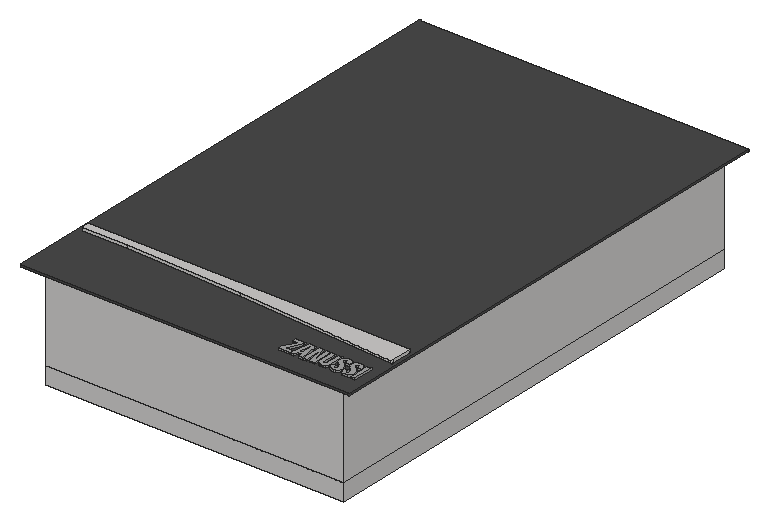
Revit family "QF_ZANUSSI_600890_Z1HAEDOMCS", category Specialty Equipment, Revit 2018
Family settings
  Round Connector Dimension = Use Diameter
  Part Type = Normal
  Work Plane-Based = No
  Always vertical = Yes
  Cut with Voids When Loaded = No
  Shared = No
  Room Calculation Point = No
Parameters
  Watts = 0 W
  Volts = 0 V
  URL = ""
  Steam Supply Size = 0 mm
  Steam Supply Minimum Pressure = 0.0 Pa
  Steam Supply Maximum Pressure = 0.0 Pa
  Steam Pounds per Hour = 0
  Show Logo [instance] = yes
  Manufacturer = ""
  Phase = 0
  Model = ""
  Item Number = ""
  Hot Water Size = 0 mm
  HP = "4.7 HP"
  Gas Size = 0 mm
  Gas KW = 0
  Direct Waste Size = 0 mm
  Description = ""
  Cycle = 0 Hz
  Condensate Return Size = 0 mm
  Compressed Air Volume = 0.0 L/s
  Compressed Air Size = 0 mm
  Compressed Air Pressure = 0.0 Pa
  Cold Water Size = 0 mm
Types (2, lengths in mm): name | Volts | URL | Manufacturer | Phase | Model | Item Number | Description | Cycle
  (no name) | 0 V | "" | "" | 0 | "" | "" | "" | 0 Hz
  Standard | 220 V | "http://www.zanussiprofessional.com" | "Zanussi" | 1 | "Z1HAEDOMCS" | "600890" | "PLUG-IN INDUCTION DOUBLE ZONE COOK TOP, DROP-IN" | 60 Hz
Reference planes
  plane 1 "Centro (Fronte/Retro)": y = 74.737
  plane 2: z = 0
  plane 3: x = -514.269
  plane 4 "LEFT": x = -709.269
  plane 5 "RIGHT": x = -319.269
  plane 6 "BACK": y = 369.737
  plane 7 "FRONT": y = -220.263
  plane 8: y = -124.263
  plane 9: x = -690.269
  plane 10: x = -338.269
  plane 11: y = 355.737
  plane 12: y = -205.263
  plane 13: x = -442.269
  plane 14: y = 179.737
  plane 15: z = 900
Forms (mm)
  Extrusion 1, solid, material "QF_Finishes_Stainless Steel"
    sketch origin (0, 0, 774) x (1, 0, 0) y (0, 1, 0)
      loop
        line (-341.269, 352.737) -> (-687.269, 352.737) -> (-687.269, -202.263) -> (-341.269, -202.263) -> (-341.269, 352.737)
      loop
        line (-690.269, 355.737) -> (-690.269, -205.263) -> (-338.269, -205.263) -> (-338.269, 355.737) -> (-690.269, 355.737)
    from 21 to 126
  Extrusion 2, solid, material "QF_Finishes_Black"
    sketch origin (0, 0, 900) x (-1, 0, 0) y (0, -1, 0)
      loop
        arc (707.269, -369.737) -> (708.683, -369.151) -> (709.269, -367.737) r 2
        line (709.269, -367.737) -> (709.269, 218.263)
        arc (709.269, 218.263) -> (708.683, 219.677) -> (707.269, 220.263) r 2
        line (707.269, 220.263) -> (321.269, 220.263)
        arc (321.269, 220.263) -> (319.854, 219.677) -> (319.269, 218.263) r 2
        line (319.269, 218.263) -> (319.269, -367.737)
        arc (319.269, -367.737) -> (319.854, -369.151) -> (321.269, -369.737) r 2
        line (321.269, -369.737) -> (707.269, -369.737)
    from 0 to 2
  Extrusion 3, solid, material "QF_Finishes_Stainless Steel"
    sketch origin (0, 0, 775) x (1, 0, 0) y (0, 1, 0)
      loop
        line (-690.269, 355.737) -> (-690.269, -205.263) -> (-338.269, -205.263) -> (-338.269, 355.737) -> (-690.269, 355.737)
    from 0 to 20
  Extrusion 4, solid, material "QF_Finishes_Stainless Steel"
    sketch origin (0, 0, 127) x (-1, 0, 0) y (0, -1, 0)
      loop
        circle (442.269, -179.737) r 10
    from 638.028 to 648
  Extrusion 5, solid, material "QF_Finishes_Stainless Steel"
    sketch origin (0, 0, 900) x (-1, 0, 0) y (0, -1, 0)
      loop
        arc (702.769, 124.263) -> (703.829, 124.702) -> (704.269, 125.763) r 1.5
        line (704.269, 125.763) -> (704.269, 132.763)
        arc (704.269, 132.763) -> (703.829, 133.824) -> (702.769, 134.263) r 1.5
        line (702.769, 134.263) -> (651.769, 134.263)
        arc (651.769, 134.263) -> (582.973, 135.513) -> (514.269, 139.263) r 1893.125
        arc (514.269, 139.263) -> (420.209, 148.26) -> (325.769, 151.263) r 1486.51
        arc (325.769, 151.263) -> (324.708, 150.824) -> (324.269, 149.763) r 1.5
        line (324.269, 149.763) -> (324.269, 125.763)
        arc (324.269, 125.763) -> (324.708, 124.702) -> (325.769, 124.263) r 1.5
        line (325.769, 124.263) -> (702.769, 124.263)
    from 2 to 5
Lines and regions (mm)
  Split face 1
    outline origin (0, 0, 902) x (-1, 0, 0) y (0, -1, 0)
      loop
        line (324.269, 124.263) -> (324.269, -364.737) -> (704.269, -364.737) -> (704.269, 124.263) -> (324.269, 124.263)
  Split face 2
    outline origin (0, 0, 902) x (-1, 0, 0) y (0, -1, 0)
      loop
        line (704.269, -364.737) -> (704.269, 124.263) -> (324.269, 124.263) -> (324.269, -364.737) -> (704.269, -364.737)
  Split face 3
    outline origin (0, 0, 902) x (-1, 0, 0) y (0, -1, 0)
      loop
        circle (514.269, -232.737) r 104
  Split face 4
    outline origin (0, 225.474, 902) x (-1, 0, 0) y (0, -1, 0)
      loop
        circle (514.269, 232.737) r 104
  symbolic lines
    curve 1: line (-324.269, -124.263, 126) -> (-704.269, -124.263, 126)
    curve 2: line (-704.269, -124.263, 126) -> (-704.269, 364.737, 126)
    curve 3: line (-324.269, 364.737, 126) -> (-324.269, -124.263, 126)
    curve 4: line (-704.269, 364.737, 126) -> (-324.269, 364.737, 126)
    curve 5: line (-321.269, 369.737, 126) -> (-707.269, 369.737, 126)
    curve 6: arc (-707.269, 369.737, 126) -> (-708.683, 369.151, 126) -> (-709.269, 367.737, 126) r 2
    curve 7: line (-709.269, 367.737, 126) -> (-709.269, -218.263, 126)
    curve 8: arc (-709.269, -218.263, 126) -> (-708.683, -219.677, 126) -> (-707.269, -220.263, 126) r 2
    curve 9: line (-707.269, -220.263, 126) -> (-321.269, -220.263, 126)
    curve 10: arc (-321.269, -220.263, 126) -> (-319.854, -219.677, 126) -> (-319.269, -218.263, 126) r 2
    curve 11: line (-319.269, -218.263, 126) -> (-319.269, 367.737, 126)
    curve 12: arc (-319.269, 367.737, 126) -> (-319.854, 369.151, 126) -> (-321.269, 369.737, 126) r 2
    curve 13: arc (-410.269, 232.737, 126) -> (-514.269, 336.737, 126) -> (-618.269, 232.737, 126) r 104
    curve 14: arc (-618.269, 232.737, 126) -> (-514.269, 128.737, 126) -> (-410.269, 232.737, 126) r 104
    curve 15: arc (-618.269, -7.263, 126) -> (-514.269, 96.737, 126) -> (-410.269, -7.263, 126) r 104
    curve 16: arc (-410.269, -7.263, 126) -> (-514.269, -111.263, 126) -> (-618.269, -7.263, 126) r 104
    curve 17: arc (-702.769, -124.263, 126) -> (-703.829, -124.702, 126) -> (-704.269, -125.763, 126) r 1.5
    curve 18: line (-704.269, -125.763, 126) -> (-704.269, -132.763, 126)
    curve 19: arc (-704.269, -132.763, 126) -> (-703.829, -133.824, 126) -> (-702.769, -134.263, 126) r 1.5
    curve 20: line (-702.769, -134.263, 126) -> (-651.769, -134.263, 126)
    curve 21: arc (-324.269, -125.763, 126) -> (-324.708, -124.702, 126) -> (-325.769, -124.263, 126) r 1.5
    curve 22: line (-324.269, -149.763, 126) -> (-324.269, -125.763, 126)
    curve 23: arc (-325.769, -151.263, 126) -> (-324.708, -150.824, 126) -> (-324.269, -149.763, 126) r 1.5
    curve 24: arc (-651.769, -134.263, 126) -> (-582.973, -135.513, 126) -> (-514.269, -139.263, 126) r 1893.125
    curve 25: arc (-514.269, -139.263, 126) -> (-420.209, -148.26, 126) -> (-325.769, -151.263, 126) r 1486.51
    curve 26: line (-415.208, -176.613, 126) -> (-422.226, -191.352, 126)
    curve 27: line (-422.226, -191.352, 126) -> (-422.226, -196.265, 126)
    curve 28: line (-422.226, -196.265, 126) -> (-409.452, -196.265, 126)
    curve 29: line (-409.452, -196.265, 126) -> (-409.452, -191.352, 126)
    curve 30: line (-409.452, -191.352, 126) -> (-416.821, -191.352, 126)
    curve 31: line (-416.821, -191.352, 126) -> (-409.452, -176.332, 126)
    curve 32: line (-409.452, -176.332, 126) -> (-409.452, -172.261, 126)
    curve 33: line (-409.452, -172.261, 126) -> (-421.665, -172.261, 126)
    curve 34: line (-421.665, -172.261, 126) -> (-421.665, -176.753, 126)
    curve 35: line (-421.665, -176.753, 126) -> (-415.208, -176.613, 126)
    curve 36: line (-404.82, -172.261, 126) -> (-409.172, -196.265, 126)
    curve 37: line (-409.172, -196.265, 126) -> (-404.118, -196.265, 126)
    curve 38: line (-404.118, -196.265, 126) -> (-403.416, -191.633, 126)
    curve 39: line (-403.416, -191.633, 126) -> (-399.346, -191.633, 126)
    curve 40: line (-399.346, -191.633, 126) -> (-398.644, -196.265, 126)
    curve 41: line (-398.644, -196.265, 126) -> (-393.59, -196.265, 126)
    curve 42: line (-393.59, -196.265, 126) -> (-398.082, -172.261, 126)
    curve 43: line (-398.082, -172.261, 126) -> (-404.82, -172.261, 126)
    curve 44: line (-401.451, -176.364, 126) -> (-400.047, -187.281, 126)
    curve 45: line (-400.047, -187.281, 126) -> (-402.855, -187.281, 126)
    curve 46: line (-402.855, -187.281, 126) -> (-401.451, -176.364, 126)
    curve 47: line (-393.309, -172.261, 126) -> (-393.309, -196.265, 126)
    curve 48: line (-393.309, -196.265, 126) -> (-388.958, -196.265, 126)
    curve 49: line (-388.958, -196.265, 126) -> (-388.958, -180.403, 126)
    curve 50: line (-388.958, -180.403, 126) -> (-384.887, -196.265, 126)
    curve 51: line (-384.887, -196.265, 126) -> (-379.553, -196.265, 126)
    curve 52: line (-379.553, -196.265, 126) -> (-379.553, -172.261, 126)
    curve 53: line (-379.553, -172.261, 126) -> (-384.045, -172.261, 126)
    curve 54: line (-384.045, -172.261, 126) -> (-384.045, -187.562, 126)
    curve 55: line (-384.045, -187.562, 126) -> (-388.116, -172.261, 126)
    curve 56: line (-388.116, -172.261, 126) -> (-393.309, -172.261, 126)
    curve 57: line (-378.43, -172.261, 126) -> (-378.43, -188.404, 126)
    curve 58: line (-378.43, -188.404, 126) -> (-378.149, -192.334, 126)
    curve 59: line (-378.149, -192.334, 126) -> (-377.728, -193.317, 126)
    curve 60: line (-377.728, -193.317, 126) -> (-376.745, -194.58, 126)
    curve 61: line (-376.745, -194.58, 126) -> (-375.763, -195.282, 126)
    curve 62: line (-375.763, -195.282, 126) -> (-373.797, -196.124, 126)
    curve 63: line (-373.797, -196.124, 126) -> (-372.815, -196.265, 126)
    curve 64: line (-372.815, -196.265, 126) -> (-370.569, -196.265, 126)
    curve 65: line (-370.569, -196.265, 126) -> (-369.446, -195.984, 126)
    curve 66: line (-369.446, -195.984, 126) -> (-367.761, -195.001, 126)
    curve 67: line (-367.761, -195.001, 126) -> (-365.796, -192.194, 126)
    curve 68: line (-365.796, -192.194, 126) -> (-365.656, -191.211, 126)
    curve 69: line (-365.656, -191.211, 126) -> (-365.656, -172.261, 126)
    curve 70: line (-365.656, -172.261, 126) -> (-370.569, -172.261, 126)
    curve 71: line (-370.569, -172.261, 126) -> (-370.569, -190.088, 126)
    curve 72: line (-370.569, -190.088, 126) -> (-371.13, -191.352, 126)
    curve 73: line (-371.13, -191.352, 126) -> (-372.675, -191.492, 126)
    curve 74: line (-372.675, -191.492, 126) -> (-373.517, -190.509, 126)
    curve 75: line (-373.517, -190.509, 126) -> (-373.517, -172.261, 126)
    curve 76: line (-373.517, -172.261, 126) -> (-378.43, -172.261, 126)
    curve 77: line (-353.163, -184.895, 126) -> (-358.778, -179.841, 126)
    curve 78: line (-358.778, -179.841, 126) -> (-359.479, -178.999, 126)
    curve 79: line (-359.479, -178.999, 126) -> (-359.76, -176.753, 126)
    curve 80: line (-359.76, -176.753, 126) -> (-358.076, -175.911, 126)
    curve 81: line (-358.076, -175.911, 126) -> (-356.672, -176.893, 126)
    curve 82: line (-356.672, -176.893, 126) -> (-356.532, -179.841, 126)
    curve 83: line (-356.532, -179.841, 126) -> (-351.899, -179.841, 126)
    curve 84: line (-351.899, -179.841, 126) -> (-352.18, -175.068, 126)
    curve 85: line (-352.18, -175.068, 126) -> (-355.128, -172.401, 126)
    curve 86: line (-355.128, -172.401, 126) -> (-363.269, -173.805, 126)
    curve 87: line (-363.269, -173.805, 126) -> (-364.252, -180.824, 126)
    curve 88: line (-364.252, -180.824, 126) -> (-362.006, -184.052, 126)
    curve 89: line (-362.006, -184.052, 126) -> (-359.62, -186.158, 126)
    curve 90: line (-359.62, -186.158, 126) -> (-356.672, -189.106, 126)
    curve 91: line (-356.672, -189.106, 126) -> (-357.233, -191.773, 126)
    curve 92: line (-357.233, -191.773, 126) -> (-359.058, -191.913, 126)
    curve 93: line (-359.058, -191.913, 126) -> (-360.041, -187.842, 126)
    curve 94: line (-360.041, -187.842, 126) -> (-364.954, -187.842, 126)
    curve 95: line (-364.954, -187.842, 126) -> (-363.55, -194.44, 126)
    curve 96: line (-363.55, -194.44, 126) -> (-357.374, -196.265, 126)
    curve 97: line (-357.374, -196.265, 126) -> (-351.759, -192.334, 126)
    curve 98: line (-351.759, -192.334, 126) -> (-353.163, -184.895, 126)
    curve 99: line (-339.266, -184.754, 126) -> (-345.161, -179.42, 126)
    curve 100: line (-345.161, -179.42, 126) -> (-345.863, -177.595, 126)
    curve 101: line (-345.863, -177.595, 126) -> (-345.302, -176.191, 126)
    curve 102: line (-345.302, -176.191, 126) -> (-344.038, -175.911, 126)
    curve 103: line (-344.038, -175.911, 126) -> (-342.635, -176.893, 126)
    curve 104: line (-342.635, -176.893, 126) -> (-342.494, -179.701, 126)
    curve 105: line (-342.494, -179.701, 126) -> (-337.722, -179.841, 126)
    curve 106: line (-337.722, -179.841, 126) -> (-338.283, -174.928, 126)
    curve 107: line (-338.283, -174.928, 126) -> (-345.723, -171.98, 126)
    curve 108: line (-345.723, -171.98, 126) -> (-350.215, -175.63, 126)
    curve 109: line (-350.215, -175.63, 126) -> (-348.951, -182.929, 126)
    curve 110: line (-348.951, -182.929, 126) -> (-343.758, -187.562, 126)
    curve 111: line (-343.758, -187.562, 126) -> (-342.635, -189.246, 126)
    curve 112: line (-342.635, -189.246, 126) -> (-343.056, -191.773, 126)
    curve 113: line (-343.056, -191.773, 126) -> (-344.46, -192.054, 126)
    curve 114: line (-344.46, -192.054, 126) -> (-346.003, -187.702, 126)
    curve 115: line (-346.003, -187.702, 126) -> (-350.917, -187.842, 126)
    curve 116: line (-350.917, -187.842, 126) -> (-349.092, -194.721, 126)
    curve 117: line (-349.092, -194.721, 126) -> (-341.091, -195.703, 126)
    curve 118: line (-341.091, -195.703, 126) -> (-338.002, -192.896, 126)
    curve 119: line (-338.002, -192.896, 126) -> (-339.266, -184.754, 126)
    curve 120: line (-331.966, -172.261, 126) -> (-336.879, -172.261, 126)
    curve 121: line (-336.879, -172.261, 126) -> (-336.879, -196.265, 126)
    curve 122: line (-336.879, -196.265, 126) -> (-331.966, -196.265, 126)
    curve 123: line (-331.966, -196.265, 126) -> (-331.966, -172.261, 126)
Dimensions and locks
  equal spacing: plane 4 "LEFT", plane 3, plane 5 "RIGHT"
  plane 4 "LEFT" to plane 5 "RIGHT" = 390 mm
  equal spacing: plane 6 "BACK", plane 1 "Centro (Fronte/Retro)", plane 7 "FRONT"
  plane 6 "BACK" to plane 7 "FRONT" = 590 mm
  locked: plane 4 "LEFT" to plane 9 at 19
  locked: plane 10 to plane 5 "RIGHT" at 19
  locked: plane 6 "BACK" to plane 11 at 14
  locked: plane 12 to plane 7 "FRONT" at 15
  locked: plane 13 to plane 5 "RIGHT" at 123
  plane 6 "BACK" to plane 14 = 190 mm
  plane 15 to level = 900 mm
  aligned and locked: level to plane 2
Automatic sketch dimensions
  curve 13 to curve 14 = 0 mm  (x2)
  curve 15 to curve 16 = 0 mm  (x2)
  curve 12 to plane 5 "RIGHT" = 0 mm
  curve 10 to plane 7 "FRONT" = 0 mm
  curve 5 to plane 6 "BACK" = 0 mm
  curve 3 to plane 8 = 0 mm
  curve 14 to plane 3 = 0 mm
  curve 15 to plane 3 = 0 mm
  curve 25 to plane 3 = 0 mm
  curve 8 to plane 4 "LEFT" = 0 mm
  curve 10 to plane 5 "RIGHT" = 2 mm
  curve 12 to plane 5 "RIGHT" = 2 mm
  curve 12 to curve 3 = 3 mm
  curve 22 to curve 1 = 0 mm
  curve 21 to curve 21 = 1.5 mm
  curve 23 to curve 23 = 1.5 mm
  plane 10 to curve 122 = 6.302 mm
  plane 10 to curve 122 = 1.389 mm
  plane 10 to curve 106 = 0.547 mm
  plane 10 to curve 118 = 0.266 mm
  curve 106 to plane 10 = 0.014 mm
  curve 119 to plane 10 = 0.997 mm
  curve 117 to plane 10 = 2.822 mm
  curve 104 to plane 10 = 4.225 mm
  curve 104 to curve 104 = 0.141 mm
  curve 112 to plane 10 = 4.366 mm
  curve 111 to curve 113 = 0.421 mm
  curve 111 to curve 111 = 1.123 mm
  curve 103 to curve 103 = 1.404 mm
  curve 112 to curve 114 = 1.404 mm
  curve 104 to curve 100 = 2.667 mm
  curve 102 to curve 101 = 1.263 mm
  curve 101 to curve 107 = 0.421 mm
  curve 101 to curve 100 = 0.562 mm
  curve 110 to curve 115 = 2.246 mm
  curve 99 to curve 110 = 3.79 mm
  curve 113 to curve 116 = 4.632 mm
  curve 100 to curve 108 = 4.352 mm
  curve 114 to curve 115 = 4.913 mm
  curve 116 to curve 97 = 2.667 mm
  curve 109 to curve 83 = 2.948 mm
  curve 108 to curve 85 = 1.965 mm
  curve 115 to curve 77 = 2.246 mm
  curve 84 to curve 86 = 2.948 mm
  curve 83 to curve 83 = 4.632 mm
  curve 77 to curve 90 = 3.509 mm
  curve 82 to curve 81 = 0.14 mm
  curve 90 to curve 91 = 0.562 mm
  plane 12 to curve 96 = 8.998 mm
  curve 91 to curve 96 = 0.14 mm
  curve 81 to curve 81 = 1.404 mm
  curve 82 to curve 78 = 2.246 mm
  curve 91 to curve 93 = 1.825 mm
  curve 77 to curve 78 = 0.702 mm
  curve 90 to curve 90 = 2.948 mm
  curve 80 to curve 80 = 1.684 mm
  curve 89 to curve 93 = 0.421 mm
  curve 89 to curve 89 = 2.386 mm
  curve 79 to curve 87 = 3.509 mm
  plane 12 to curve 95 = 10.823 mm
  curve 92 to curve 95 = 4.492 mm
  curve 88 to curve 87 = 2.246 mm
  curve 88 to curve 94 = 2.948 mm
  curve 94 to curve 68 = 0.702 mm
  plane 12 to curve 68 = 13.069 mm
  curve 68 to curve 68 = 0.14 mm
  plane 12 to curve 67 = 10.262 mm
  curve 67 to curve 67 = 1.965 mm
  plane 12 to curve 66 = 9.279 mm
  curve 66 to curve 66 = 1.685 mm
  curve 68 to curve 71 = 4.913 mm
  plane 12 to curve 65 = 8.998 mm
  curve 65 to curve 65 = 1.123 mm
  plane 12 to curve 73 = 13.911 mm
  curve 71 to curve 73 = 0.561 mm
  plane 12 to curve 73 = 13.771 mm
  curve 72 to curve 73 = 1.544 mm
  curve 64 to curve 63 = 2.246 mm
  curve 73 to curve 75 = 0.842 mm
  plane 12 to curve 62 = 9.139 mm
  curve 63 to curve 62 = 0.982 mm
  plane 12 to curve 61 = 9.981 mm
  curve 62 to curve 61 = 1.965 mm
  plane 12 to curve 61 = 10.683 mm
  curve 61 to curve 61 = 0.983 mm
  plane 12 to curve 59 = 11.946 mm
  curve 60 to curve 59 = 0.983 mm
  plane 12 to curve 58 = 12.929 mm
  curve 59 to curve 58 = 0.421 mm
  plane 12 to curve 58 = 16.859 mm
  curve 58 to curve 58 = 0.281 mm
  curve 57 to curve 53 = 1.123 mm
  curve 52 to curve 54 = 4.492 mm
  plane 12 to curve 50 = 8.998 mm
  curve 51 to curve 50 = 5.334 mm
  curve 53 to curve 56 = 4.071 mm
  curve 50 to curve 49 = 4.071 mm
  curve 55 to curve 56 = 5.194 mm
  plane 12 to curve 42 = 8.998 mm
  curve 47 to curve 42 = 0.281 mm
  curve 47 to curve 42 = 4.773 mm
  curve 41 to curve 41 = 5.053 mm
  curve 40 to curve 39 = 0.702 mm
  plane 12 to curve 44 = 17.982 mm
  curve 39 to curve 44 = 0.702 mm
  curve 42 to curve 44 = 3.369 mm
  curve 44 to curve 45 = 2.807 mm
  curve 39 to curve 39 = 4.071 mm
  plane 12 to curve 38 = 8.998 mm
  curve 38 to curve 38 = 0.702 mm
  curve 44 to curve 43 = 3.369 mm
  curve 37 to curve 36 = 5.054 mm
  curve 36 to curve 32 = 4.632 mm
  curve 36 to curve 28 = 0.281 mm
  curve 31 to curve 35 = 5.755 mm
  curve 29 to curve 30 = 7.368 mm
  curve 26 to curve 33 = 6.457 mm
  curve 30 to curve 27 = 5.406 mm
  plane 9 to curve 24 = 38.5 mm
  curve 17 to plane 8 = 1.5 mm
  plane 4 "LEFT" to curve 17 = 6.5 mm
  curve 19 to curve 18 = 1.5 mm
  curve 17 to curve 1 = 1.5 mm
  curve 8 to curve 7 = 2 mm
  plane 4 "LEFT" to curve 5 = 2 mm
  plane 6 "BACK" to curve 25 = 965.51 mm
  curve 12 to curve 4 = 3 mm
  plane 14 to curve 14 = 53 mm
  plane 1 "Centro (Fronte/Retro)" to curve 15 = 82 mm
  curve 17 to curve 18 = 7 mm
  curve 21 to curve 22 = 24 mm
  curve 108 to curve 96 = 24.285 mm
  curve 107 to curve 120 = 0.281 mm
  curve 76 to curve 57 = 16.143 mm
  curve 75 to curve 70 = 0 mm
  curve 56 to curve 57 = 0 mm
  curve 55 to curve 54 = 0 mm
  curve 43 to curve 47 = 0 mm
  curve 32 to curve 36 = 0 mm
  curve 107 to curve 86 = 0.421 mm
  curve 69 to curve 86 = 1.544 mm
  curve 120 to curve 106 = 2.667 mm
  curve 85 to curve 84 = 2.667 mm
  curve 84 to curve 108 = 0.561 mm
  curve 107 to curve 102 = 3.93 mm
  curve 85 to curve 81 = 3.509 mm
  curve 102 to curve 101 = 0.281 mm
  curve 32 to curve 31 = 4.071 mm
  curve 42 to curve 44 = 4.103 mm
  curve 31 to curve 35 = 0.281 mm
  curve 80 to curve 80 = 0.842 mm
  curve 33 to curve 35 = 4.492 mm
  curve 80 to curve 82 = 0.983 mm
  curve 102 to curve 103 = 0.983 mm
  curve 101 to curve 101 = 1.404 mm
  curve 79 to curve 78 = 2.246 mm
  curve 100 to curve 100 = 1.825 mm
  curve 99 to curve 105 = 0.281 mm
  curve 108 to curve 84 = 4.211 mm
  curve 78 to curve 78 = 0.842 mm
  curve 104 to curve 106 = 0.14 mm
  curve 55 to curve 49 = 8.142 mm
  curve 78 to curve 87 = 1.825 mm
  curve 83 to curve 110 = 3.088 mm
  curve 87 to curve 89 = 3.228 mm
  curve 105 to curve 99 = 4.913 mm
  curve 109 to curve 77 = 1.965 mm
  curve 88 to curve 89 = 2.106 mm
  curve 55 to curve 57 = 0.842 mm
  curve 99 to curve 111 = 2.807 mm
  curve 110 to curve 115 = 0.14 mm
  curve 89 to curve 94 = 1.684 mm
  curve 77 to curve 115 = 2.948 mm
  curve 93 to curve 91 = 1.264 mm
  curve 110 to curve 112 = 1.685 mm
  curve 71 to curve 72 = 1.263 mm
  curve 75 to curve 73 = 0.983 mm
  curve 69 to curve 67 = 0.982 mm
  curve 31 to curve 36 = 4.913 mm
  curve 27 to curve 30 = 0 mm
  curve 45 to curve 39 = 4.352 mm
  curve 90 to curve 92 = 2.667 mm
  curve 111 to curve 112 = 2.527 mm
  curve 91 to curve 93 = 0.14 mm
  curve 112 to curve 113 = 0.281 mm
  curve 115 to curve 97 = 4.492 mm
  curve 112 to curve 118 = 1.123 mm
  curve 97 to curve 117 = 2.386 mm
  curve 118 to curve 118 = 2.807 mm
  curve 41 to curve 48 = 0 mm
  curve 118 to curve 123 = 3.369 mm
  curve 26 to curve 27 = 4.913 mm
  curve 24 to plane 7 "FRONT" = 1807.125 mm
  plane 13 to curve 16 = 32 mm
  plane 13 to curve 13 = 32 mm
  Extrusion 1 sketch curve to plane 9 = 0 mm
  Extrusion 1 sketch curve to plane 10 = 0 mm
  Extrusion 1 sketch curve to plane 12 = 0 mm
  Extrusion 1 sketch curve to plane 11 = 0 mm
  plane 9 to Extrusion 1 sketch curve = 3 mm
  Extrusion 1 sketch curve to plane 10 = 3 mm
  plane 12 to Extrusion 1 sketch curve = 3 mm
  Extrusion 1 sketch curve to plane 11 = 3 mm
  Extrusion 2 sketch curve to plane 5 "RIGHT" = 0 mm
  Extrusion 2 sketch curve to plane 6 "BACK" = 0 mm
  Extrusion 2 sketch curve to plane 7 "FRONT" = 0 mm
  Extrusion 2 sketch curve to plane 4 "LEFT" = 0 mm
  Extrusion 2 sketch curve to plane 5 "RIGHT" = 2 mm  (x2)
  plane 4 "LEFT" to Extrusion 2 sketch curve = 2 mm
  Extrusion 2 sketch curve to Extrusion 2 sketch curve = 2 mm
  Split face 1 sketch curve to Extrusion 2 = 5 mm  (x3)
  Split face 1 sketch curve to Extrusion 2 = 96 mm
  Extrusion 3 sketch curve to plane 9 = 0 mm
  Extrusion 3 sketch curve to plane 10 = 0 mm
  Extrusion 3 sketch curve to plane 12 = 0 mm
  Extrusion 3 sketch curve to plane 11 = 0 mm
  Extrusion 4 sketch curve to plane 13 = 0 mm
  Extrusion 4 sketch curve to plane 14 = 0 mm
  Split face 2 sketch curve to Extrusion 2 = 5 mm  (x3)
  Split face 2 sketch curve to Extrusion 2 = 96 mm
  Split face 3 sketch curve to Extrusion 2 = 195 mm
  Split face 3 sketch curve to Extrusion 2 = 137 mm
  Split face 4 sketch curve to Extrusion 2 = 195 mm
  Split face 4 sketch curve to Extrusion 2 = 213 mm
  Extrusion 5 sketch curve to plane 8 = 0 mm
  Extrusion 5 sketch curve to plane 3 = 0 mm
  Extrusion 5 sketch curve to plane 5 "RIGHT" = 6.5 mm  (x2)
  Extrusion 5 sketch curve to Extrusion 5 sketch curve = 1.5 mm  (x2)
  plane 9 to Extrusion 5 sketch curve = 38.5 mm
  Extrusion 5 sketch curve to plane 8 = 1.5 mm
  plane 4 "LEFT" to Extrusion 5 sketch curve = 6.5 mm
  plane 6 "BACK" to Extrusion 5 sketch curve = 965.51 mm
  Extrusion 5 sketch curve to Extrusion 5 sketch curve = 7 mm
  Extrusion 5 sketch curve to Extrusion 5 sketch curve = 24 mm
  Extrusion 5 sketch curve to plane 7 "FRONT" = 1807.125 mm
  radius of Extrusion 4 sketch curve = 10 mm
  radius of Split face 3 sketch curve = 104 mm
  radius of Split face 4 sketch curve = 104 mm
Nested families
  nested 1: "ZAN_Logo_S_Grey" at (-377.096, -184.263, 902), visible <- "Show Logo", type "ZAN_Logo_S_Grey"
Connectors
  electrical at (-442.269, 179.737, 765.028)
    settings: on Extrusion 4, index 2, voltage 0 V, apparent load 0 VA, apparent load phase1 0 VA, apparent load phase2 0 VA, apparent load phase3 0 VA, power factor 1, load classification "Altro", number of poles 1, system type 30, power factor state 1, is connector primary yes, connector utility no, sub classification motor no, connector description ""
Definition of nested family "ZAN_Logo_S_Grey"
  Parameters (values of type "ZAN_Logo_S_Grey")
    Default Elevation = 0 mm
  Reference planes
    plane 1 "Centro (Fronte/Retro)": y = 0
    plane 2: z = 0
    plane 3 "Centro (Sinistra/Destra)": x = 0
  Forms (mm)
    Extrusion 1, solid
      sketch origin (0, 0, 0) x (1, 0, 0) y (0, 1, 0)
        loop
          line (-1219.2, 1219.2) -> (-1219.2, -1219.2) -> (1219.2, -1219.2) -> (1219.2, 1219.2) -> (-1219.2, 1219.2)
      from 0 to -304.8
    Extrusion 2, solid
      sketch origin (17.793, -46.218, 0) x (-1, 0, 0) y (0, -1, 0)
        loop
          spline (-4.176, -58.079) -> (-3.496, -58.328) -> (-2.793, -58.512) -> (-2.075, -58.63) -> (-1.348, -58.682) -> (-0.619, -58.669) -> (0.106, -58.588) -> (0.818, -58.44) -> (1.512, -58.225) -> (2.18, -57.941) -> (2.817, -57.589) -> (3.414, -57.167) -> (3.966, -56.676)
          spline (3.966, -56.676) -> (4.293, -56.162) -> (4.575, -55.61) -> (4.81, -55.026) -> (5, -54.419) -> (5.146, -53.797) -> (5.247, -53.166) -> (5.304, -52.536) -> (5.318, -51.913) -> (5.288, -51.306) -> (5.217, -50.723) -> (5.103, -50.17) -> (4.949, -49.657)
          line (4.949, -49.657) -> (2.702, -46.428) -> (0.316, -44.323)
          spline (0.316, -44.323) -> (0.065, -44.115) -> (-0.195, -43.909) -> (-0.46, -43.704) -> (-0.729, -43.496) -> (-0.997, -43.282) -> (-1.263, -43.059) -> (-1.523, -42.825) -> (-1.774, -42.576) -> (-2.013, -42.309) -> (-2.238, -42.022) -> (-2.445, -41.712) -> (-2.632, -41.375)
          spline (-2.632, -41.375) -> (-2.666, -41.159) -> (-2.697, -40.934) -> (-2.722, -40.701) -> (-2.736, -40.465) -> (-2.736, -40.227) -> (-2.72, -39.989) -> (-2.682, -39.754) -> (-2.621, -39.524) -> (-2.533, -39.302) -> (-2.414, -39.091) -> (-2.261, -38.892) -> (-2.07, -38.708)
          line (-2.07, -38.708) -> (-0.245, -38.567)
          spline (-0.245, -38.567) -> (0.096, -38.8) -> (0.354, -39.074) -> (0.54, -39.381) -> (0.664, -39.716) -> (0.738, -40.073) -> (0.772, -40.445) -> (0.777, -40.825) -> (0.763, -41.208) -> (0.742, -41.588) -> (0.723, -41.957) -> (0.718, -42.309) -> (0.737, -42.638)
          line (0.737, -42.638) -> (5.65, -42.638)
          spline (5.65, -42.638) -> (5.708, -42.042) -> (5.741, -41.448) -> (5.747, -40.857) -> (5.723, -40.273) -> (5.668, -39.696) -> (5.58, -39.129) -> (5.457, -38.574) -> (5.297, -38.032) -> (5.098, -37.506) -> (4.857, -36.997) -> (4.574, -36.508) -> (4.247, -36.041)
          spline (4.247, -36.041) -> (3.844, -35.675) -> (3.409, -35.35) -> (2.946, -35.065) -> (2.458, -34.819) -> (1.949, -34.612) -> (1.421, -34.444) -> (0.88, -34.314) -> (0.326, -34.221) -> (-0.234, -34.165) -> (-0.8, -34.146) -> (-1.366, -34.163) -> (-1.93, -34.216)
          spline (-1.93, -34.216) -> (-2.526, -34.309) -> (-3.116, -34.448) -> (-3.695, -34.633) -> (-4.259, -34.861) -> (-4.801, -35.131) -> (-5.316, -35.444) -> (-5.799, -35.798) -> (-6.245, -36.191) -> (-6.648, -36.624) -> (-7.002, -37.095) -> (-7.303, -37.603) -> (-7.545, -38.146)
          spline (-7.545, -38.146) -> (-7.694, -38.815) -> (-7.792, -39.487) -> (-7.839, -40.158) -> (-7.836, -40.824) -> (-7.785, -41.482) -> (-7.685, -42.129) -> (-7.539, -42.762) -> (-7.347, -43.377) -> (-7.111, -43.97) -> (-6.83, -44.538) -> (-6.506, -45.078) -> (-6.141, -45.586)
          line (-6.141, -45.586) -> (-0.526, -50.64) -> (0.176, -51.482)
          spline (0.176, -51.482) -> (0.248, -51.66) -> (0.323, -51.843) -> (0.397, -52.03) -> (0.467, -52.22) -> (0.529, -52.412) -> (0.579, -52.605) -> (0.615, -52.798) -> (0.633, -52.989) -> (0.63, -53.179) -> (0.601, -53.366) -> (0.545, -53.55) -> (0.456, -53.728)
          spline (0.456, -53.728) -> (0.375, -53.892) -> (0.273, -54.034) -> (0.154, -54.155) -> (0.02, -54.258) -> (-0.126, -54.343) -> (-0.28, -54.412) -> (-0.441, -54.466) -> (-0.604, -54.508) -> (-0.767, -54.537) -> (-0.928, -54.556) -> (-1.082, -54.567) -> (-1.228, -54.57)
          line (-1.228, -54.57) -> (-2.632, -53.587) -> (-2.772, -50.64) -> (-7.405, -50.64)
          spline (-7.405, -50.64) -> (-7.41, -51.031) -> (-7.423, -51.432) -> (-7.44, -51.839) -> (-7.456, -52.251) -> (-7.469, -52.665) -> (-7.475, -53.079) -> (-7.468, -53.489) -> (-7.446, -53.894) -> (-7.404, -54.291) -> (-7.339, -54.679) -> (-7.247, -55.053) -> (-7.123, -55.412)
          spline (-7.123, -55.412) -> (-6.999, -55.693) -> (-6.837, -55.97) -> (-6.643, -56.244) -> (-6.422, -56.509) -> (-6.177, -56.765) -> (-5.913, -57.009) -> (-5.634, -57.238) -> (-5.346, -57.45) -> (-5.051, -57.643) -> (-4.755, -57.814) -> (-4.462, -57.96) -> (-4.176, -58.079)
        loop
          spline (-21.021, -55.552) -> (-20.633, -56.181) -> (-20.177, -56.736) -> (-19.661, -57.217) -> (-19.092, -57.627) -> (-18.478, -57.966) -> (-17.827, -58.237) -> (-17.147, -58.441) -> (-16.446, -58.578) -> (-15.73, -58.652) -> (-15.009, -58.662) -> (-14.29, -58.611) -> (-13.581, -58.5)
          spline (-13.581, -58.5) -> (-13.088, -58.407) -> (-12.595, -58.269) -> (-12.109, -58.088) -> (-11.636, -57.866) -> (-11.183, -57.605) -> (-10.756, -57.307) -> (-10.361, -56.974) -> (-10.004, -56.608) -> (-9.692, -56.211) -> (-9.431, -55.784) -> (-9.228, -55.33) -> (-9.089, -54.851)
          spline (-9.089, -54.851) -> (-8.873, -54.211) -> (-8.715, -53.559) -> (-8.615, -52.901) -> (-8.574, -52.241) -> (-8.592, -51.585) -> (-8.668, -50.938) -> (-8.802, -50.306) -> (-8.995, -49.693) -> (-9.247, -49.106) -> (-9.557, -48.55) -> (-9.925, -48.03) -> (-10.352, -47.551)
          line (-10.352, -47.551) -> (-15.546, -42.919) -> (-16.669, -41.234)
          spline (-16.669, -41.234) -> (-16.704, -41.021) -> (-16.735, -40.804) -> (-16.761, -40.583) -> (-16.778, -40.361) -> (-16.784, -40.139) -> (-16.774, -39.919) -> (-16.748, -39.701) -> (-16.7, -39.488) -> (-16.63, -39.28) -> (-16.533, -39.08) -> (-16.406, -38.889) -> (-16.248, -38.708)
          line (-16.248, -38.708) -> (-14.844, -38.427)
          spline (-14.844, -38.427) -> (-14.347, -38.545) -> (-13.969, -38.749) -> (-13.695, -39.028) -> (-13.508, -39.368) -> (-13.393, -39.757) -> (-13.335, -40.182) -> (-13.318, -40.63) -> (-13.326, -41.089) -> (-13.344, -41.546) -> (-13.356, -41.988) -> (-13.347, -42.403) -> (-13.3, -42.779)
          line (-13.3, -42.779) -> (-8.387, -42.638)
          spline (-8.387, -42.638) -> (-8.326, -42.034) -> (-8.288, -41.417) -> (-8.277, -40.794) -> (-8.299, -40.169) -> (-8.357, -39.548) -> (-8.457, -38.936) -> (-8.604, -38.339) -> (-8.803, -37.762) -> (-9.058, -37.21) -> (-9.375, -36.689) -> (-9.758, -36.204) -> (-10.212, -35.76)
          spline (-10.212, -35.76) -> (-10.793, -35.336) -> (-11.409, -34.976) -> (-12.054, -34.679) -> (-12.723, -34.445) -> (-13.409, -34.273) -> (-14.107, -34.163) -> (-14.811, -34.115) -> (-15.515, -34.127) -> (-16.213, -34.2) -> (-16.899, -34.333) -> (-17.568, -34.526) -> (-18.213, -34.777)
          spline (-18.213, -34.777) -> (-18.496, -34.897) -> (-18.783, -35.044) -> (-19.071, -35.216) -> (-19.357, -35.412) -> (-19.639, -35.629) -> (-19.915, -35.865) -> (-20.182, -36.119) -> (-20.438, -36.389) -> (-20.681, -36.672) -> (-20.907, -36.967) -> (-21.115, -37.272) -> (-21.301, -37.585)
          spline (-21.301, -37.585) -> (-21.55, -38.26) -> (-21.734, -38.948) -> (-21.854, -39.647) -> (-21.91, -40.351) -> (-21.901, -41.057) -> (-21.828, -41.761) -> (-21.69, -42.459) -> (-21.489, -43.148) -> (-21.222, -43.823) -> (-20.892, -44.48) -> (-20.497, -45.116) -> (-20.038, -45.726)
          line (-20.038, -45.726) -> (-14.142, -51.061) -> (-13.44, -52.886) -> (-14.002, -54.289) -> (-15.265, -54.57) -> (-16.669, -53.587) -> (-16.81, -50.78) -> (-21.582, -50.64)
          spline (-21.582, -50.64) -> (-21.558, -51.063) -> (-21.55, -51.491) -> (-21.554, -51.92) -> (-21.561, -52.35) -> (-21.567, -52.778) -> (-21.565, -53.201) -> (-21.547, -53.619) -> (-21.509, -54.029) -> (-21.444, -54.43) -> (-21.345, -54.818) -> (-21.206, -55.193) -> (-21.021, -55.552)
        loop
          line (-22.424, -34.216) -> (-27.337, -34.216) -> (-27.337, -58.22) -> (-22.424, -58.22) -> (-22.424, -34.216)
        loop
          line (14.213, -39.971) -> (14.213, -58.22) -> (19.126, -58.22) -> (19.126, -42.077) -> (18.845, -38.146) -> (18.424, -37.164) -> (17.442, -35.9) -> (16.459, -35.199) -> (14.494, -34.356) -> (13.511, -34.216) -> (11.265, -34.216) -> (10.142, -34.497) -> (8.458, -35.479) -> (6.493, -38.287) -> (6.352, -39.269) -> (6.352, -58.22) -> (11.265, -58.22) -> (11.265, -40.392) -> (11.827, -39.129) -> (13.371, -38.988) -> (14.213, -39.971)
        loop
          line (20.249, -58.22) -> (24.741, -58.22) -> (24.741, -42.919) -> (28.812, -58.22) -> (34.006, -58.22) -> (34.006, -34.216) -> (29.654, -34.216) -> (29.654, -50.078) -> (25.583, -34.216) -> (20.249, -34.216) -> (20.249, -58.22)
        loop
          line (50.149, -58.22) -> (62.361, -58.22) -> (62.361, -53.728) -> (55.904, -53.868) -> (62.923, -39.129) -> (62.923, -34.216) -> (50.149, -34.216) -> (50.149, -39.129) -> (57.517, -39.129) -> (50.149, -54.149) -> (50.149, -58.22)
        loop
          line (38.778, -58.22) -> (45.516, -58.22) -> (49.868, -34.216) -> (44.814, -34.216) -> (44.113, -38.848) -> (40.042, -38.848) -> (39.34, -34.216) -> (34.286, -34.216) -> (38.778, -58.22)
        loop
          line (43.551, -43.2) -> (40.744, -43.2) -> (42.147, -54.117) -> (43.551, -43.2)
      from 0 to 1.644
  Dimensions and locks
    aligned and locked: plane 2 to Extrusion 1
    aligned and locked: level to Extrusion 1
